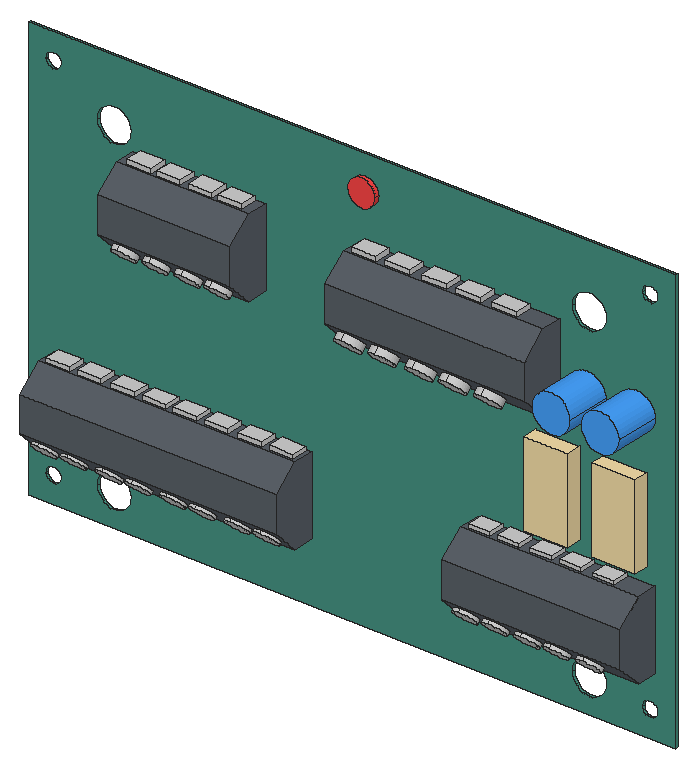
Revit family "TYCO-FPP-Zettler-MIO800 Multi inputoutput module", category Electrical Fixtures, Revit 2014
Parameters (values of type "TYCO-FPP-Zettler-MIO800 Multi inputoutput module")
  Width = 110 mm  # constant formula
  URL = "https://www.tycosafetyproducts-anz.com/public/Datasheet/MIO800dat1506.pdf"
  Type Comments = "Three configurable inputs and two relay\r\noutputs from latching relays"
  Storage Temperature = "–40°C to +80°C"
  STT = BLACKK
  Relay Contact Rating3 = "2A @ 24Vdc4"
  Relative Humidity = "10% to 95%"
  RS = RS
  Quiescent Current = "480μA\r\n480μA"
  PCB = PCB
  Model = "Zettler-555.800.065"
  Maximum Circuit Resistance = "40 Ohm\r\n40 Ohm"
  Max. MIO800 per Loop2 = "250\r\n250"
  Manufacturer = "Tyco"
  Loop Voltage = "20V to 40Vdc"
  Length = 72 mm  # constant formula
  LED = RED
  Input EOL = "330 Ohm"
  Input Alarm Resistor = "150 Ohm"
  Description = "The MIO800 Addressable Multi-Input/Output Module has\r\nthree inputs and two outputs from latching relays that\r\ncommunicates with compatible MX Control and Indicating\r\nEquipment (CIE)."
  Ambient Temperature = "–25°C to +70°C"
Reference planes
  plane 1 "Center (Front/Back)": y = 0
  plane 2: z = 0
  plane 3 "Center (Left/Right)": x = 0
  plane 4: z = -36
  plane 5: z = 36
  plane 6: x = -55
  plane 7: x = 55
Forms (mm)
  Extrusion 1, solid, material "PCB" <- "PCB", detail levels fine
    sketch origin (0, 0, 0) x (1, 0, 0) y (0, 0, 1)
      loop
        line (-55, 36) -> (-55, -36) -> (55, -36) -> (55, 36) -> (-55, 36)
      loop
        circle (-40.365, 25.352) r 2.889
      loop
        circle (40.365, 25.352) r 2.889
      loop
        circle (-40.365, -30.352) r 2.889
      loop
        circle (40.365, -30.352) r 2.889
      loop
        circle (50.684, 31.572) r 1.303
      loop
        circle (-50.684, 31.572) r 1.303
      loop
        circle (50.684, -31.572) r 1.303
      loop
        circle (-50.684, -31.572) r 1.303
    from 0 to -0.404
  Extrusion 2, solid, material "BLACKK" <- "STT", detail levels fine
    sketch origin (-55, -4572, 152.221) x (0, 0, 1) y (0, -1, 0)
      loop
        line (-129.758, -4572) -> (-129.758, -4568.423) -> (-133.085, -4564.457) -> (-139.139, -4564.457) -> (-143.126, -4568.445) -> (-143.126, -4572) -> (-129.758, -4572)
    from 17.799 to 40.296
  Extrusion 3, solid, material "ST(1)", detail levels fine
    sketch origin (-55, -4.675, 22.463) x (0, 1, 0) y (-1, 0, 0)
      loop
        line (4.372, -19.25) -> (1.455, -19.25) -> (1.455, -23.404) -> (4.372, -23.404) -> (4.372, -19.25)
      loop
        line (4.372, -24.418) -> (1.455, -24.418) -> (1.455, -28.374) -> (4.372, -28.374) -> (4.372, -24.418)
      loop
        line (4.372, -29.832) -> (1.455, -29.832) -> (1.455, -33.789) -> (4.372, -33.789) -> (4.372, -29.832)
      loop
        line (4.372, -34.802) -> (1.455, -34.802) -> (1.455, -38.758) -> (4.372, -38.758) -> (4.372, -34.802)
    from 0 to 0.775
  Extrusion 4, solid, material "ST(1)", detail levels fine
    sketch origin (-55, -3.555, 9.095) x (0, -0.707107, 0.707107) y (-1, 0, 0)
      loop
        circle (2.916, -21.16) r 1.93
      loop
        circle (2.916, -26.487) r 1.93
      loop
        circle (2.916, -31.985) r 1.93
      loop
        circle (2.916, -36.985) r 1.93
    from 0 to 0.938
  Extrusion 5, solid, material "BLACKK" <- "STT", detail levels fine
    sketch origin (0, 0, 0) x (0, 1, 0) y (0, 0, 1)
      loop
        line (0, 22.463) -> (-3.577, 22.463) -> (-7.543, 19.135) -> (-7.543, 13.082) -> (-3.555, 9.095) -> (0, 9.095) -> (0, 22.463)
    from 1.43 to 35.327
  Extrusion 6, solid, material "ST(1)", detail levels fine
    sketch origin (0, -4.675, 22.463) x (0, 1, 0) y (-1, 0, 0)
      loop
        line (4.353, -2.466) -> (1.538, -2.466) -> (1.538, -6.557) -> (4.353, -6.557) -> (4.353, -2.466)
      loop
        line (4.353, -8.12) -> (1.538, -8.12) -> (1.538, -12.329) -> (4.353, -12.329) -> (4.353, -8.12)
      loop
        line (4.353, -14.327) -> (1.538, -14.327) -> (1.538, -18.535) -> (4.353, -18.535) -> (4.353, -14.327)
      loop
        line (4.353, -20.099) -> (1.538, -20.099) -> (1.538, -24.308) -> (4.353, -24.308) -> (4.353, -20.099)
      loop
        line (4.353, -26.214) -> (1.538, -26.214) -> (1.538, -30.422) -> (4.353, -30.422) -> (4.353, -26.214)
    from 0 to 0.775
  Extrusion 7, solid, material "ST(1)", detail levels fine
    sketch origin (0, -3.555, 9.095) x (0, -0.707107, 0.707107) y (-1, 0, 0)
      loop
        circle (2.842, -4.401) r 2.104
      loop
        circle (2.842, -10.198) r 2.104
      loop
        circle (2.842, -16.478) r 2.104
      loop
        circle (2.842, -22.187) r 2.104
      loop
        circle (2.842, -28.159) r 2.104
    from 0 to 1.239
  Extrusion 8, solid, material "BLACKK" <- "STT", detail levels fine
    sketch origin (55, -4572, 152.221) x (0, 0, 1) y (0, 1, 0)
      loop
        line (-164.758, 4572) -> (-178.126, 4572) -> (-178.126, 4568.445) -> (-174.139, 4564.457) -> (-168.085, 4564.457) -> (-164.758, 4568.423) -> (-164.758, 4572)
    from 3.508 to 33.651
  Extrusion 9, solid, material "ST(1)", detail levels fine
    sketch origin (55, -4.675, -12.537) x (0, 1, 0) y (-1, 0, 0)
      loop
        line (4.353, 32.797) -> (1.588, 32.797) -> (1.588, 29.139) -> (4.353, 29.139) -> (4.353, 32.797)
      loop
        line (4.353, 27.797) -> (1.588, 27.797) -> (1.588, 24.139) -> (4.353, 24.139) -> (4.353, 27.797)
      loop
        line (4.353, 22.333) -> (1.588, 22.333) -> (1.588, 18.675) -> (4.353, 18.675) -> (4.353, 22.333)
      loop
        line (4.353, 17.333) -> (1.588, 17.333) -> (1.588, 13.675) -> (4.353, 13.675) -> (4.353, 17.333)
      loop
        line (4.353, 11.694) -> (1.588, 11.694) -> (1.588, 8.036) -> (4.353, 8.036) -> (4.353, 11.694)
    from 0 to 0.574
  Extrusion 10, solid, material "ST(1)", detail levels fine
    sketch origin (55, -3.555, -25.905) x (0, -0.707107, 0.707107) y (-1, 0, 0)
      loop
        circle (2.807, 31.045) r 1.932
      loop
        circle (2.807, 26.045) r 1.932
      loop
        circle (2.807, 20.541) r 1.932
      loop
        circle (2.807, 15.541) r 1.932
      loop
        circle (2.807, 9.985) r 1.932
    from 0 to 0.657
  Extrusion 11, solid, material "BLACKK" <- "STT", detail levels fine
    sketch origin (-55, -4572, 152.221) x (0, 0, 1) y (0, -1, 0)
      loop
        line (-164.758, -4572) -> (-164.758, -4568.423) -> (-168.085, -4564.457) -> (-174.139, -4564.457) -> (-178.126, -4568.445) -> (-178.126, -4572) -> (-164.758, -4572)
    from 4.568 to 48.161
  Extrusion 12, solid, material "ST(1)", detail levels fine
    sketch origin (-55, -4.675, -12.537) x (0, 1, 0) y (-1, 0, 0)
      loop
        line (4.268, -5.49) -> (1.538, -5.49) -> (1.538, -9.499) -> (4.268, -9.499) -> (4.268, -5.49)
      loop
        line (4.268, -10.836) -> (1.538, -10.836) -> (1.538, -14.845) -> (4.268, -14.845) -> (4.268, -10.836)
      loop
        line (4.268, -16.522) -> (1.538, -16.522) -> (1.538, -20.532) -> (4.268, -20.532) -> (4.268, -16.522)
      loop
        line (4.268, -21.868) -> (1.538, -21.868) -> (1.538, -25.877) -> (4.268, -25.877) -> (4.268, -21.868)
      loop
        line (4.268, -27.079) -> (1.538, -27.079) -> (1.538, -31.089) -> (4.268, -31.089) -> (4.268, -27.079)
      loop
        line (4.268, -32.425) -> (1.538, -32.425) -> (1.538, -36.434) -> (4.268, -36.434) -> (4.268, -32.425)
      loop
        line (4.268, -38.112) -> (1.538, -38.112) -> (1.538, -42.121) -> (4.268, -42.121) -> (4.268, -38.112)
      loop
        line (4.268, -43.458) -> (1.538, -43.458) -> (1.538, -47.467) -> (4.268, -47.467) -> (4.268, -43.458)
    from 0 to 0.697
  Extrusion 13, solid, material "ST(1)", detail levels fine
    sketch origin (-55, -3.555, -25.905) x (0, -0.707107, 0.707107) y (-1, 0, 0)
      loop
        circle (2.854, -7.398) r 1.965
      loop
        circle (2.854, -12.398) r 1.965
      loop
        circle (2.854, -18.36) r 1.965
      loop
        circle (2.854, -23.36) r 1.965
      loop
        circle (2.854, -29.203) r 1.965
      loop
        circle (2.854, -34.203) r 1.965
      loop
        circle (2.854, -40.165) r 1.965
      loop
        circle (2.854, -45.165) r 1.965
    from 0 to 0.533
  Extrusion 14, solid, material "ST(2)", detail levels fine
    sketch origin (0, 0, 0) x (1, 0, 0) y (0, 0, 1)
      loop
        line (31.249, 4.227) -> (31.249, -10.066) -> (38.596, -10.066) -> (38.596, 4.227) -> (31.249, 4.227)
      loop
        line (42.673, 4.227) -> (42.673, -10.066) -> (50.019, -10.066) -> (50.019, 4.227) -> (42.673, 4.227)
    from 0 to 2.536
  Extrusion 15, solid, material "RS" <- "RS", detail levels fine
    sketch origin (0, 0, 0) x (1, 0, 0) y (0, 0, 1)
      loop
        circle (39.873, 12.952) r 3.204
      loop
        circle (48.245, 12.952) r 3.204
    from 0 to 7.543
  Extrusion 16, solid, material "RED" <- "LED", detail levels fine
    sketch origin (0, 0, 0) x (1, 0, 0) y (0, 0, 1)
      loop
        circle (2.179, 30.315) r 2.281
    from 0 to 0.748
Cuts and joins
  joined: Extrusion 2, Extrusion 5, Extrusion 8, Extrusion 11
  joined: Extrusion 3, Extrusion 6, Extrusion 9, Extrusion 12
  joined: Extrusion 4, Extrusion 7, Extrusion 10, Extrusion 13
Lines and regions (mm)
  model lines, detail levels coarse+medium
    curve 1: line (-55, 0, 36) -> (55, 0, 36)
    curve 2: line (-55, 0, -36) -> (-55, 0, 36)
    curve 3: line (55, 0, -36) -> (-55, 0, -36)
    curve 4: line (55, 0, 36) -> (55, 0, -36)
Dimensions and locks
  equal spacing: plane 5, plane 2, plane 4
  "Length": plane 5 to plane 4
  equal spacing: plane 7, plane 3 "Center (Left/Right)", plane 6
  "Width": plane 7 to plane 6
  aligned and locked: level to plane 2
  aligned and locked: plane 5 to Extrusion 1 sketch curve
  aligned and locked: plane 6 to Extrusion 1 sketch curve
  aligned and locked: plane 4 to Extrusion 1 sketch curve
  aligned and locked: plane 7 to Extrusion 1 sketch curve
  aligned and locked: Extrusion 3 to Extrusion 2
  aligned and locked: Extrusion 2 to Extrusion 6
  aligned and locked: Extrusion 16 to plane 1 "Center (Front/Back)"
  aligned and locked: plane 5 to curve 1
  aligned and locked: plane 7 to curve 4
  aligned and locked: plane 4 to curve 3
  aligned and locked: plane 6 to curve 2
Automatic sketch dimensions
  plane 6 to Extrusion 1 sketch curve = 4.316 mm  (x2)
  Extrusion 1 sketch curve to Extrusion 1 sketch curve = 10.319 mm  (x2)
  plane 4 to Extrusion 1 sketch curve = 5.648 mm  (x2)
  plane 7 to Extrusion 1 sketch curve = 14.635 mm  (x2)
  plane 7 to Extrusion 1 sketch curve = 4.316 mm  (x2)
  plane 4 to Extrusion 1 sketch curve = 4.428 mm  (x2)
  plane 5 to Extrusion 1 sketch curve = 10.648 mm  (x2)
  plane 5 to Extrusion 1 sketch curve = 4.428 mm  (x2)
  Extrusion 2 sketch curve to plane 1 "Center (Front/Back)" = 0 mm
  level to Extrusion 2 sketch curve = 9.095 mm
  Extrusion 2 sketch curve to Extrusion 2 sketch curve = 3.988 mm
  Extrusion 2 sketch curve to Extrusion 2 sketch curve = 6.053 mm
  plane 5 to Extrusion 2 sketch curve = 13.537 mm
  Extrusion 2 sketch curve to Extrusion 2 sketch curve = 3.555 mm
  plane 1 "Center (Front/Back)" to Extrusion 2 sketch curve = 7.543 mm
  plane 1 "Center (Front/Back)" to Extrusion 2 sketch curve = 3.577 mm
  Extrusion 3 sketch curve to Extrusion 2 = 0.357 mm  (x4)
  Extrusion 2 to Extrusion 3 sketch curve = 0.303 mm  (x4)
  Extrusion 2 to Extrusion 3 sketch curve = 1.538 mm
  Extrusion 3 sketch curve to Extrusion 3 sketch curve = 3.956 mm  (x3)
  Extrusion 3 sketch curve to Extrusion 3 sketch curve = 1.014 mm  (x2)
  Extrusion 3 sketch curve to Extrusion 3 sketch curve = 1.459 mm
  Extrusion 2 to Extrusion 3 sketch curve = 1.45 mm
  Extrusion 2 to Extrusion 4 sketch curve = 2.723 mm  (x4)
  Extrusion 2 to Extrusion 4 sketch curve = 3.311 mm
  Extrusion 4 sketch curve to Extrusion 4 sketch curve = 5 mm
  Extrusion 4 sketch curve to Extrusion 4 sketch curve = 5.498 mm
  Extrusion 2 to Extrusion 4 sketch curve = 3.36 mm
  Extrusion 5 sketch curve to plane 1 "Center (Front/Back)" = 0 mm
  plane 1 "Center (Front/Back)" to Extrusion 5 sketch curve = 3.555 mm
  plane 1 "Center (Front/Back)" to Extrusion 5 sketch curve = 3.577 mm
  Extrusion 5 sketch curve to Extrusion 5 sketch curve = 3.988 mm  (x2)
  level to Extrusion 5 sketch curve = 9.095 mm
  Extrusion 5 sketch curve to Extrusion 5 sketch curve = 6.053 mm
  Extrusion 5 sketch curve to Extrusion 5 sketch curve = 3.328 mm
  Extrusion 6 sketch curve to Extrusion 5 = 0.44 mm  (x5)
  Extrusion 5 to Extrusion 6 sketch curve = 0.322 mm  (x5)
  Extrusion 5 to Extrusion 6 sketch curve = 4.905 mm
  Extrusion 6 sketch curve to Extrusion 6 sketch curve = 4.208 mm  (x4)
  Extrusion 6 sketch curve to Extrusion 6 sketch curve = 1.906 mm
  Extrusion 6 sketch curve to Extrusion 6 sketch curve = 1.564 mm  (x2)
  Extrusion 6 sketch curve to Extrusion 6 sketch curve = 1.998 mm
  Extrusion 5 to Extrusion 6 sketch curve = 1.036 mm
  Extrusion 5 to Extrusion 7 sketch curve = 2.797 mm  (x5)
  Extrusion 5 to Extrusion 7 sketch curve = 7.167 mm
  Extrusion 7 sketch curve to Extrusion 7 sketch curve = 5.973 mm
  Extrusion 7 sketch curve to Extrusion 7 sketch curve = 5.709 mm
  Extrusion 7 sketch curve to Extrusion 7 sketch curve = 6.28 mm
  Extrusion 5 to Extrusion 7 sketch curve = 2.971 mm
  Extrusion 8 sketch curve to plane 1 "Center (Front/Back)" = 0 mm
  Extrusion 8 sketch curve to plane 4 = 10.095 mm
  Extrusion 8 sketch curve to Extrusion 8 sketch curve = 3.988 mm
  Extrusion 8 sketch curve to Extrusion 8 sketch curve = 6.053 mm
  Extrusion 8 sketch curve to Extrusion 8 sketch curve = 3.328 mm
  Extrusion 8 sketch curve to Extrusion 8 sketch curve = 3.555 mm
  Extrusion 8 sketch curve to Extrusion 8 sketch curve = 3.577 mm
  Extrusion 8 sketch curve to Extrusion 8 sketch curve = 3.966 mm
  Extrusion 8 to Extrusion 9 sketch curve = 0.49 mm  (x5)
  Extrusion 9 sketch curve to Extrusion 8 = 0.322 mm  (x5)
  Extrusion 8 to Extrusion 9 sketch curve = 4.529 mm
  Extrusion 9 sketch curve to Extrusion 9 sketch curve = 3.658 mm  (x4)
  Extrusion 9 sketch curve to Extrusion 9 sketch curve = 1.98 mm
  Extrusion 9 sketch curve to Extrusion 9 sketch curve = 1.342 mm  (x2)
  Extrusion 9 sketch curve to Extrusion 9 sketch curve = 1.806 mm
  Extrusion 8 to Extrusion 9 sketch curve = 0.855 mm
  Extrusion 8 to Extrusion 10 sketch curve = 2.807 mm  (x5)
  Extrusion 8 to Extrusion 10 sketch curve = 6.478 mm
  Extrusion 10 sketch curve to Extrusion 10 sketch curve = 5.555 mm
  Extrusion 10 sketch curve to Extrusion 10 sketch curve = 5 mm
  Extrusion 10 sketch curve to Extrusion 10 sketch curve = 5.505 mm
  Extrusion 8 to Extrusion 10 sketch curve = 2.606 mm
  Extrusion 11 sketch curve to plane 1 "Center (Front/Back)" = 0 mm
  plane 4 to Extrusion 11 sketch curve = 10.095 mm
  Extrusion 11 sketch curve to Extrusion 11 sketch curve = 3.988 mm
  Extrusion 11 sketch curve to Extrusion 11 sketch curve = 6.053 mm
  Extrusion 11 sketch curve to Extrusion 11 sketch curve = 3.328 mm
  Extrusion 11 sketch curve to Extrusion 11 sketch curve = 3.555 mm
  Extrusion 11 sketch curve to Extrusion 11 sketch curve = 3.577 mm
  Extrusion 11 sketch curve to Extrusion 11 sketch curve = 3.966 mm
  Extrusion 12 sketch curve to Extrusion 11 = 0.44 mm  (x8)
  Extrusion 11 to Extrusion 12 sketch curve = 0.407 mm  (x8)
  Extrusion 11 to Extrusion 12 sketch curve = 0.694 mm
  Extrusion 12 sketch curve to Extrusion 12 sketch curve = 4.009 mm  (x7)
  Extrusion 12 sketch curve to Extrusion 12 sketch curve = 1.336 mm  (x4)
  Extrusion 12 sketch curve to Extrusion 12 sketch curve = 1.678 mm  (x2)
  Extrusion 12 sketch curve to Extrusion 12 sketch curve = 1.202 mm
  Extrusion 11 to Extrusion 12 sketch curve = 0.922 mm
  Extrusion 11 to Extrusion 13 sketch curve = 2.785 mm  (x8)
  Extrusion 11 to Extrusion 13 sketch curve = 2.996 mm
  Extrusion 13 sketch curve to Extrusion 13 sketch curve = 5 mm  (x3)
  Extrusion 13 sketch curve to Extrusion 13 sketch curve = 5.962 mm  (x2)
  Extrusion 13 sketch curve to Extrusion 13 sketch curve = 5.843 mm
  Extrusion 11 to Extrusion 13 sketch curve = 2.829 mm
  Extrusion 14 sketch curve to Extrusion 1 = 23.751 mm
  Extrusion 14 sketch curve to Extrusion 14 sketch curve = 7.347 mm
  Extrusion 14 sketch curve to Extrusion 14 sketch curve = 4.076 mm
  Extrusion 14 sketch curve to Extrusion 1 = 4.981 mm
  Extrusion 14 sketch curve to Extrusion 1 = 25.934 mm
  Extrusion 14 sketch curve to Extrusion 14 sketch curve = 0 mm  (x2)
  Extrusion 14 sketch curve to Extrusion 14 sketch curve = 14.293 mm
  Extrusion 15 sketch curve to Extrusion 1 = 15.127 mm
  Extrusion 15 sketch curve to Extrusion 1 = 6.755 mm
  Extrusion 15 sketch curve to Extrusion 1 = 23.048 mm
  Extrusion 15 sketch curve to Extrusion 15 sketch curve = 0 mm
  Extrusion 16 sketch curve to Extrusion 1 = 5.685 mm
  Extrusion 16 sketch curve to Extrusion 1 = 52.821 mm
  radius of Extrusion 1 sketch curve = 2.889 mm  (x4)
  radius of Extrusion 1 sketch curve = 1.303 mm  (x4)
  radius of Extrusion 4 sketch curve = 1.93 mm  (x4)
  radius of Extrusion 7 sketch curve = 2.104 mm  (x5)
  radius of Extrusion 10 sketch curve = 1.932 mm  (x5)
  radius of Extrusion 13 sketch curve = 1.965 mm  (x8)
  radius of Extrusion 15 sketch curve = 3.204 mm  (x2)
  radius of Extrusion 16 sketch curve = 2.281 mm
Connectors
  electrical at (0, 0.404, 0)
    settings: on Extrusion 1, index 1, voltage 24 V, apparent load 0 VA, apparent load phase1 0 VA, apparent load phase2 0 VA, apparent load phase3 0 VA, power factor 1, load classification "Other", number of poles 1, system type 31, power factor state 1, is connector primary yes, connector utility no, sub classification motor no, connector description ""
